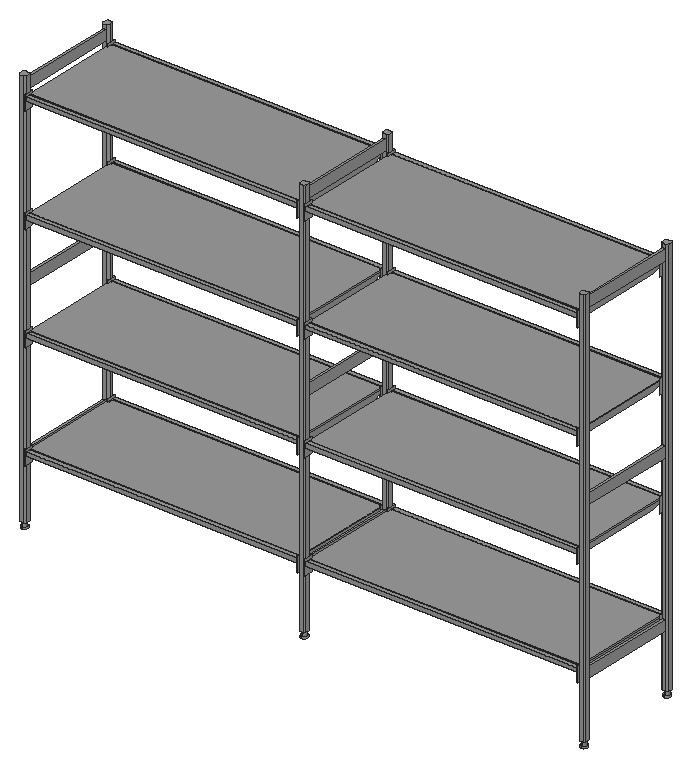
Revit family "QF_ZANUSSI_137046_BLS2404", category Attrezzature speciali, Revit 2020
Family settings
  Quota connettore circolare = Usa diametro
  Tipo di parte = Normale
  Basato su piano di lavoro = No
  Sempre verticale = Sì
  Taglio con vuoti quando caricato = No
  Condiviso = No
  Punto di calcolo locali = No
Parameters (values of type "Standard")
  Weight = 44.00 kg
  Watts = 0 W
  Volts = 0 V
  URL Manufacturer = "http://www.zanussiprofessional.com"
  URL = "http://www.zanussiprofessional.com"
  Steam Supply Size = 0 mm
  Steam Supply Minimum Pressure = 0.0 Pa
  Steam Supply Maximum Pressure = 0.0 Pa
  Steam Consumption per Hour = 0
  Refrigeration Suction Line Size = 0.0 mm
  Refrigeration Liquid Line Size = 0.0 mm
  Refrigerant Compressor Remote = yes
  Prospetto di default = 0.0 mm
  Phase = 0
  Modello = "BLS2404"
  Produttore = "Zanussi"
  Length Actual = 2404.0 mm  # constant formula
  Item Number = "137046"
  Hot Water Size = 0 mm
  Height Actual = 1700.0 mm  # constant formula
  HP = "0 HP"
  Gas Size = 0 mm
  Gas KW = 0
  Gas Input Pressure = 0 W
  Direct Waste Size = 0 mm
  Descrizione = "ALUM.LINEAR SHELV.-POLY.TIERS-475X2404MM"
  Depth Actual = 475.0 mm  # constant formula
  Cycle = 0 Hz
  Condensate Return Size = 0 mm
  Compressed Air Volume = 0.0 L/s
  Compressed Air Size = 0 mm
  Compressed Air Pressure = 0.0 Pa
  Cold Water Size = 0 mm
  Accessory = yes
Reference planes
  plane 1: z = 0
  plane 2 "CenterLeft": x = -31
  plane 3 "LEFT": x = -417
  plane 4 "BACK": y = 23
  plane 5 "FRONT": y = -452
  plane 6 "TOP": z = 1700
  plane 7: x = -385
  plane 8: x = 767
  plane 9 "Center (Front/Back)": y = -214.5
  plane 10: y = -8.5
  plane 11: y = -420.5
  plane 12 "FEET": z = 25
  plane 13: z = 275
  plane 14: z = 725
  plane 15: z = 1175
  plane 16: z = 1625
  plane 17 "CXLeft": x = -403
  plane 18 "Center (Left/Right)": x = 785
  plane 19: y = 5.5
  plane 20 "CYBack": y = 5.5
  plane 21 "CYFront": y = -434.5
  plane 22 "RIGHT": x = 1987
  plane 23: x = 1955
  plane 24 "CXRight": x = 1973
  plane 25: x = 803
Forms (mm)
  Extrusion 1, solid, material "QF_Aluminum"
    sketch origin (-417, 0, -4.006) x (0, 1, 0) y (0, 0, 1)
      loop
        line (-12, 1637.003) -> (4, 1637.003) -> (4, 1655) -> (2.007, 1655) -> (2.007, 1648.501) -> (-431, 1648.501) -> (-431, 1655) -> (-433, 1655) -> (-433, 1637.003) -> (-417, 1637.003) -> (-383, 1625) -> (-46, 1625) -> (-12, 1637.003)
      loop
        line (-12, 1187.003) -> (4, 1187.003) -> (4, 1205) -> (2.007, 1205) -> (2.007, 1198.501) -> (-431, 1198.501) -> (-431, 1205) -> (-433, 1205) -> (-433, 1187.003) -> (-417, 1187.003) -> (-383, 1175) -> (-46, 1175) -> (-12, 1187.003)
      loop
        line (-12, 737.003) -> (4, 737.003) -> (4, 755) -> (2.007, 755) -> (2.007, 748.501) -> (-431, 748.501) -> (-431, 755) -> (-433, 755) -> (-433, 737.003) -> (-417, 737.003) -> (-383, 725) -> (-46, 725) -> (-12, 737.003)
      loop
        line (-12, 287.003) -> (4, 287.003) -> (4, 305) -> (2.007, 305) -> (2.007, 298.501) -> (-431, 298.501) -> (-431, 305) -> (-433, 305) -> (-433, 287.003) -> (-417, 287.003) -> (-383, 275) -> (-46, 275) -> (-12, 287.003)
    from 37 to 32
  Extrusion 2, solid, material "QF_Aluminum"
    sketch origin (-417, 0, 0) x (0, 1, 0) y (0, 0, 1)
      loop
        line (23, 246.005) -> (23, 307.993) -> (-12.993, 307.993) -> (-12.993, 246.005) -> (23, 246.005)
      loop
        line (-452, 246.005) -> (-416.007, 246.005) -> (-416.007, 307.993) -> (-452, 307.993) -> (-452, 246.005)
      loop
        line (23, 696.005) -> (23, 757.993) -> (-12.993, 757.993) -> (-12.993, 696.005) -> (23, 696.005)
      loop
        line (-452, 696.005) -> (-416.007, 696.005) -> (-416.007, 757.993) -> (-452, 757.993) -> (-452, 696.005)
      loop
        line (23, 1146.005) -> (23, 1207.993) -> (-12.993, 1207.993) -> (-12.993, 1146.005) -> (23, 1146.005)
      loop
        line (-452, 1146.005) -> (-416.007, 1146.005) -> (-416.007, 1207.993) -> (-452, 1207.993) -> (-452, 1146.005)
      loop
        line (23, 1596.005) -> (23, 1657.993) -> (-12.993, 1657.993) -> (-12.993, 1596.005) -> (23, 1596.005)
      loop
        line (-452, 1596.005) -> (-416.007, 1596.005) -> (-416.007, 1657.993) -> (-452, 1657.993) -> (-452, 1596.005)
    from 28 to 32
  Extrusion 3, solid, material "QF_Aluminum"
    sketch origin (-417, 0, 0) x (0, 1, 0) y (0, 0, 1)
      loop
        line (4, 1650.994) -> (4, 1632.998) -> (23, 1632.998) -> (23, 1650.994) -> (4, 1650.994)
      loop
        line (-433, 1650.994) -> (-452, 1650.994) -> (-452, 1632.998) -> (-433, 1632.998) -> (-433, 1650.994)
      loop
        line (4, 1200.994) -> (4, 1182.998) -> (23, 1182.998) -> (23, 1200.994) -> (4, 1200.994)
      loop
        line (-433, 1200.994) -> (-452, 1200.994) -> (-452, 1182.998) -> (-433, 1182.998) -> (-433, 1200.994)
      loop
        line (4, 750.994) -> (4, 732.998) -> (23, 732.998) -> (23, 750.994) -> (4, 750.994)
      loop
        line (-433, 750.994) -> (-452, 750.994) -> (-452, 732.998) -> (-433, 732.998) -> (-433, 750.994)
      loop
        line (4, 300.994) -> (4, 282.998) -> (23, 282.998) -> (23, 300.994) -> (4, 300.994)
      loop
        line (-433, 300.994) -> (-452, 300.994) -> (-452, 282.998) -> (-433, 282.998) -> (-433, 300.994)
    from 32 to 1184
  Extrusion 4, solid, material "QF_Polyethylene"
    sketch origin (-417, 0, 0) x (0, 1, 0) y (0, 0, 1)
      loop
        line (2.007, 1650.994) -> (-431, 1650.994) -> (-431, 1644.496) -> (2.007, 1644.496) -> (2.007, 1650.994)
      loop
        line (2.007, 1200.994) -> (-431, 1200.994) -> (-431, 1194.496) -> (2.007, 1194.496) -> (2.007, 1200.994)
      loop
        line (2.007, 750.994) -> (-431, 750.994) -> (-431, 744.496) -> (2.007, 744.496) -> (2.007, 750.994)
      loop
        line (2.007, 300.994) -> (-431, 300.994) -> (-431, 294.496) -> (2.007, 294.496) -> (2.007, 300.994)
    from 32 to 1184
  Extrusion 5, solid, material "QF_Aluminum"
    sketch origin (1987, 0, 0) x (0, 1, 0) y (0, 0, 1)
      loop
        line (4, 1650.994) -> (4, 1632.998) -> (23, 1632.998) -> (23, 1650.994) -> (4, 1650.994)
      loop
        line (-433, 1650.994) -> (-452, 1650.994) -> (-452, 1632.998) -> (-433, 1632.998) -> (-433, 1650.994)
      loop
        line (4, 1200.994) -> (4, 1182.998) -> (23, 1182.998) -> (23, 1200.994) -> (4, 1200.994)
      loop
        line (-433, 1200.994) -> (-452, 1200.994) -> (-452, 1182.998) -> (-433, 1182.998) -> (-433, 1200.994)
      loop
        line (4, 750.994) -> (4, 732.998) -> (23, 732.998) -> (23, 750.994) -> (4, 750.994)
      loop
        line (-433, 750.994) -> (-452, 750.994) -> (-452, 732.998) -> (-433, 732.998) -> (-433, 750.994)
      loop
        line (4, 300.994) -> (4, 282.998) -> (23, 282.998) -> (23, 300.994) -> (4, 300.994)
      loop
        line (-433, 300.994) -> (-452, 300.994) -> (-452, 282.998) -> (-433, 282.998) -> (-433, 300.994)
    from -32 to -1184
  Extrusion 6, solid, material "QF_Polyethylene"
    sketch origin (1987, 0, 0) x (0, 1, 0) y (0, 0, 1)
      loop
        line (2.007, 1650.994) -> (-431, 1650.994) -> (-431, 1644.496) -> (2.007, 1644.496) -> (2.007, 1650.994)
      loop
        line (2.007, 1200.994) -> (-431, 1200.994) -> (-431, 1194.496) -> (2.007, 1194.496) -> (2.007, 1200.994)
      loop
        line (2.007, 750.994) -> (-431, 750.994) -> (-431, 744.496) -> (2.007, 744.496) -> (2.007, 750.994)
      loop
        line (2.007, 300.994) -> (-431, 300.994) -> (-431, 294.496) -> (2.007, 294.496) -> (2.007, 300.994)
    from -32 to -1184
Lines and regions (mm)
  symbolic lines
    curve 1: line (767, 4, 1700) -> (-385, 4, 1700)
    curve 2: line (-408, -8.5, 1700) -> (-408, -420.5, 1700)
    curve 3: line (-398, -420.5, 1700) -> (-398, -8.5, 1700)
    curve 4: line (-389, 23, 1700) -> (771, 23, 1700)
    curve 5: line (-385, -452, 1700) -> (767, -452, 1700)
    curve 6: line (799, 23, 1700) -> (1959, 23, 1700)
    curve 7: line (799, -452, 1700) -> (1959, -452, 1700)
    curve 8: line (-385, -433, 1700) -> (767, -433, 1700)
    curve 9: line (803, -433, 1700) -> (1955, -433, 1700)
    curve 10: line (803, 4, 1700) -> (1955, 4, 1700)
    curve 11: line (1955, -12.993, 1700) -> (1955, -416.007, 1700)
    curve 12: line (767, -12.993, 1700) -> (767, -416.007, 1700)
    curve 13: line (803, -416.007, 1700) -> (803, -12.993, 1700)
    curve 14: line (-385, -12.993, 1700) -> (-385, -416.007, 1700)
Dimensions and locks
  plane 3 "LEFT" to plane 2 "CenterLeft" = 386.0 mm
  locked: plane 6 "TOP" to level at 1700
  locked: plane 4 "BACK" to plane 5 "FRONT" at 475
  locked: plane 7 to plane 8 at 1152
  locked: plane 10 to plane 11 at 412
  equal spacing: plane 10, plane 9 "Center (Front/Back)", plane 11
  equal spacing: plane 4 "BACK", plane 9 "Center (Front/Back)", plane 5 "FRONT"
  plane 12 "FEET" to level = 25.0 mm
  plane 6 "TOP" to plane 12 "FEET" = 1675.0 mm
  plane 13 to plane 12 "FEET" = 250.0 mm
  plane 14 to plane 13 = 450.0 mm
  plane 15 to plane 14 = 450.0 mm
  plane 16 to plane 15 = 450.0 mm
  locked: plane 4 "BACK" to plane 20 "CYBack" at 17.5
  locked: plane 21 "CYFront" to plane 5 "FRONT" at 17.5
  locked: plane 4 "BACK" to Extrusion 1 at 19
  locked: Extrusion 1 to plane 5 "FRONT" at 19
  Extrusion 1 sketch curve to plane 21 "CYFront" = 3.5 mm
  plane 3 "LEFT" to plane 22 "RIGHT" = 2404.0 mm
  locked: plane 25 to plane 23 at 1152
  locked: plane 8 to plane 18 "Center (Left/Right)" at 18
  locked: plane 18 "Center (Left/Right)" to plane 25 at 18
  locked: plane 3 "LEFT" to plane 7 at 32
  locked: plane 24 "CXRight" to plane 22 "RIGHT" at 14
  aligned and locked: level to plane 1
  aligned and locked: plane 7 to Extrusion 1
  aligned and locked: Extrusion 2 to plane 7
  aligned and locked: plane 7 to Extrusion 4
  aligned and locked: Extrusion 4 to plane 8
  aligned and locked: plane 7 to Extrusion 3
  aligned and locked: Extrusion 3 to plane 8
  aligned and locked: Extrusion 3 sketch curve to Extrusion 1
  aligned and locked: Extrusion 1 to Extrusion 3 sketch curve
  aligned and locked: Extrusion 3 sketch curve to Extrusion 3 sketch curve  (x2)
  aligned and locked: Extrusion 1 sketch curve to Extrusion 1 sketch curve  (x3)
  aligned and locked: Extrusion 4 sketch curve to Extrusion 1  (x4)
  aligned and locked: Extrusion 5 sketch curve to Extrusion 5 sketch curve  (x2)
  aligned and locked: Extrusion 5 to plane 25
  aligned and locked: Extrusion 6 to plane 25
  aligned and locked: nested 3 to plane 18 "Center (Left/Right)"
  aligned and locked: nested 1 to plane 17 "CXLeft"
  aligned and locked: Extrusion 3 to plane 7  (x3)
  aligned and locked: plane 8 to Extrusion 3  (x4)
  aligned and locked: plane 25 to Extrusion 5  (x4)
  aligned and locked: plane 25 to Extrusion 6  (x4)
  aligned and locked: plane 8 to Extrusion 4  (x4)
  aligned and locked: nested 2 to plane 24 "CXRight"
  aligned and locked: Extrusion 5 to plane 23
  aligned and locked: Extrusion 6 to plane 23
  aligned and locked: plane 23 to Extrusion 5  (x3)
  aligned and locked: plane 23 to Extrusion 6  (x3)
Automatic sketch dimensions
  plane 21 "CYFront" to Extrusion 1 sketch curve = 1.5 mm  (x4)
  plane 11 to Extrusion 1 sketch curve = 3.5 mm  (x4)
  Extrusion 1 sketch curve to plane 13 = 4.006 mm
  Extrusion 1 sketch curve to Extrusion 1 sketch curve = 34.0 mm  (x4)
  Extrusion 1 sketch curve to plane 14 = 4.006 mm
  Extrusion 1 sketch curve to plane 15 = 4.006 mm
  Extrusion 1 sketch curve to plane 16 = 4.006 mm
  Extrusion 1 sketch curve to plane 10 = 37.5 mm  (x4)
  Extrusion 1 sketch curve to plane 10 = 3.5 mm  (x4)
  plane 19 to Extrusion 1 sketch curve = 3.493 mm  (x4)
  plane 19 to Extrusion 1 sketch curve = 1.5 mm  (x4)
  plane 13 to Extrusion 1 sketch curve = 7.998 mm  (x2)
  Extrusion 1 sketch curve to Extrusion 1 sketch curve = 11.498 mm  (x4)
  Extrusion 1 sketch curve to Extrusion 1 sketch curve = 6.499 mm  (x8)
  plane 14 to Extrusion 1 sketch curve = 7.998 mm  (x2)
  plane 15 to Extrusion 1 sketch curve = 7.998 mm  (x2)
  plane 16 to Extrusion 1 sketch curve = 7.998 mm  (x2)
  Extrusion 2 sketch curve to plane 5 "FRONT" = 0.0 mm  (x4)
  Extrusion 2 sketch curve to plane 4 "BACK" = 0.0 mm  (x4)
  plane 11 to Extrusion 2 sketch curve = 4.493 mm  (x4)
  Extrusion 2 sketch curve to plane 10 = 4.493 mm  (x4)
  Extrusion 2 sketch curve to plane 13 = 28.995 mm  (x2)
  plane 13 to Extrusion 2 sketch curve = 32.993 mm  (x2)
  Extrusion 2 sketch curve to plane 14 = 28.995 mm  (x2)
  plane 14 to Extrusion 2 sketch curve = 32.993 mm  (x2)
  Extrusion 2 sketch curve to plane 15 = 28.995 mm  (x2)
  plane 15 to Extrusion 2 sketch curve = 32.993 mm  (x2)
  Extrusion 2 sketch curve to plane 16 = 28.995 mm  (x2)
  plane 16 to Extrusion 2 sketch curve = 32.993 mm  (x2)
  Extrusion 3 sketch curve to plane 5 "FRONT" = 0.0 mm  (x4)
  Extrusion 3 sketch curve to plane 4 "BACK" = 0.0 mm  (x4)
  plane 19 to Extrusion 3 sketch curve = 1.5 mm  (x4)
  plane 13 to Extrusion 3 sketch curve = 7.998 mm  (x2)
  Extrusion 3 sketch curve to Extrusion 3 sketch curve = 17.997 mm  (x8)
  plane 14 to Extrusion 3 sketch curve = 7.998 mm  (x2)
  plane 15 to Extrusion 3 sketch curve = 7.998 mm  (x2)
  plane 16 to Extrusion 3 sketch curve = 7.998 mm  (x2)
  plane 19 to Extrusion 4 sketch curve = 3.493 mm  (x4)
  plane 13 to Extrusion 4 sketch curve = 19.496 mm
  Extrusion 4 sketch curve to Extrusion 4 sketch curve = 6.499 mm  (x4)
  plane 14 to Extrusion 4 sketch curve = 19.496 mm
  plane 15 to Extrusion 4 sketch curve = 19.496 mm
  plane 16 to Extrusion 4 sketch curve = 19.496 mm
  Extrusion 5 sketch curve to plane 5 "FRONT" = 0.0 mm  (x4)
  Extrusion 5 sketch curve to plane 4 "BACK" = 0.0 mm  (x4)
  plane 21 "CYFront" to Extrusion 5 sketch curve = 1.5 mm  (x2)
  plane 19 to Extrusion 5 sketch curve = 1.5 mm  (x4)
  plane 13 to Extrusion 5 sketch curve = 7.998 mm  (x2)
  Extrusion 5 sketch curve to Extrusion 5 sketch curve = 17.997 mm  (x8)
  plane 14 to Extrusion 5 sketch curve = 7.998 mm  (x2)
  plane 15 to Extrusion 5 sketch curve = 7.998 mm  (x2)
  plane 16 to Extrusion 5 sketch curve = 7.998 mm  (x2)
  plane 21 "CYFront" to Extrusion 6 sketch curve = 3.5 mm  (x4)
  plane 19 to Extrusion 6 sketch curve = 3.493 mm  (x4)
  plane 13 to Extrusion 6 sketch curve = 19.496 mm
  Extrusion 6 sketch curve to Extrusion 6 sketch curve = 6.499 mm  (x4)
  plane 14 to Extrusion 6 sketch curve = 19.496 mm
  plane 15 to Extrusion 6 sketch curve = 19.496 mm
  plane 16 to Extrusion 6 sketch curve = 19.496 mm
  curve 7 to plane 5 "FRONT" = 0.0 mm
  curve 5 to plane 5 "FRONT" = 0.0 mm
  curve 8 to plane 8 = 0.0 mm
  curve 9 to plane 25 = 0.0 mm
  curve 9 to plane 23 = 0.0 mm
  curve 8 to plane 7 = 0.0 mm
  curve 2 to plane 11 = 0.0 mm
  curve 3 to plane 11 = 0.0 mm
  curve 14 to plane 7 = 0.0 mm
  curve 13 to plane 25 = 0.0 mm
  curve 12 to plane 8 = 0.0 mm
  curve 11 to plane 23 = 0.0 mm
  curve 3 to plane 10 = 0.0 mm
  curve 2 to plane 10 = 0.0 mm
  curve 1 to plane 8 = 0.0 mm
  curve 1 to plane 7 = 0.0 mm
  curve 10 to plane 23 = 0.0 mm
  curve 10 to plane 25 = 0.0 mm
  curve 4 to plane 4 "BACK" = 0.0 mm
  curve 6 to plane 4 "BACK" = 0.0 mm
  curve 5 to plane 8 = 0.0 mm
  curve 5 to plane 7 = 0.0 mm
  plane 21 "CYFront" to curve 8 = 1.5 mm
  plane 21 "CYFront" to curve 9 = 1.5 mm
  plane 11 to curve 14 = 4.493 mm
  plane 11 to curve 13 = 4.493 mm
  plane 11 to curve 12 = 4.493 mm
  plane 11 to curve 11 = 4.493 mm
  curve 14 to plane 10 = 4.493 mm
  curve 13 to plane 10 = 4.493 mm
  curve 12 to plane 10 = 4.493 mm
  curve 11 to plane 10 = 4.493 mm
  plane 19 to curve 1 = 1.5 mm
  plane 19 to curve 10 = 1.5 mm
  curve 6 to plane 23 = 4.0 mm
  curve 7 to plane 23 = 4.0 mm
  curve 6 to plane 25 = 4.0 mm
  curve 7 to plane 25 = 4.0 mm
  curve 4 to plane 8 = 4.0 mm
  plane 7 to curve 4 = 4.0 mm
  plane 17 "CXLeft" to curve 3 = 5.0 mm
  curve 2 to plane 17 "CXLeft" = 5.0 mm
Nested families
  nested 1: "WT_Anta475" at (0, 0, 0), type "WT_Anta475"
  nested 2: "WT_Anta475" at (1570, 0, 0) x (-1, 0, 0) z (0, 0, 1), type "WT_Anta475"
  nested 3: "WT_Anta475Center" at (1188, 0, 0), type "WT_Anta475Center"
Definition of nested family "WT_Anta475"
  Parameters
    WidthLeft = A + 64.0 mm  # 772.0 mm
    Width = 1606.0 mm
    Right = WidthLeft / 2  # 386.0 mm
    Default Elevation = 0.0 mm
    Left = -WidthLeft / 2  # -386.0 mm
    Height = 1725.0 mm
    FEET = 25.0 mm
    E = 0.0 mm
    Dint = Depth - 63.0 mm  # 412.0 mm
    Dext = Depth - 8.0 mm  # 467.0 mm
    Depth = 475.0 mm
    DX = (WidthLeft - A) / 2  # 32.0 mm
    B = 798.0 mm
    A = 708.0 mm
  Reference planes
    plane 1: z = 0
    plane 2 "LEFT": x = -417
    plane 3 "BACK": y = 23
    plane 4 "FRONT": y = -452
    plane 5 "TOP": z = 1725
    plane 6 "Center (Front/Back)": y = -214.5
    plane 7: y = -8.5
    plane 8: y = -420.5
    plane 9 "FEET": z = 25
    plane 10: z = 275
    plane 11: z = 725
    plane 12: z = 1175
    plane 13: z = 1625
    plane 14 "CXLeft": x = -403
    plane 15: y = 5.5
    plane 16 "CYBack": y = 5.5
    plane 17 "CYFront": y = -434.5
    plane 18: x = -385.031
    plane 19: x = -380.031
  Forms (mm)
    Extrusion 1, solid
      sketch origin (0, 0, 0) x (1, 0, 0) y (0, 1, 0)
        loop
          line (-417, 13.246) -> (-417, -2.246) -> (-410.746, -8.5) -> (-395.254, -8.5) -> (-389, -2.246) -> (-389, 13.246) -> (-395.254, 19.5) -> (-410.746, 19.5) -> (-417, 13.246)
      from 1725 to 25
    Extrusion 2, solid
      sketch origin (-417, 0, 0) x (0, 1, 0) y (0, 0, 1)
        loop
          line (23, 246.005) -> (23, 307.993) -> (-12.993, 307.993) -> (-12.993, 246.005) -> (23, 246.005)
        loop
          line (-452, 246.005) -> (-416.007, 246.005) -> (-416.007, 307.993) -> (-452, 307.993) -> (-452, 246.005)
        loop
          line (23, 696.005) -> (23, 757.993) -> (-12.993, 757.993) -> (-12.993, 696.005) -> (23, 696.005)
        loop
          line (-452, 696.005) -> (-416.007, 696.005) -> (-416.007, 757.993) -> (-452, 757.993) -> (-452, 696.005)
        loop
          line (23, 1146.005) -> (23, 1207.993) -> (-12.993, 1207.993) -> (-12.993, 1146.005) -> (23, 1146.005)
        loop
          line (-452, 1146.005) -> (-416.007, 1146.005) -> (-416.007, 1207.993) -> (-452, 1207.993) -> (-452, 1146.005)
        loop
          line (23, 1596.005) -> (23, 1657.993) -> (-12.993, 1657.993) -> (-12.993, 1596.005) -> (23, 1596.005)
        loop
          line (-452, 1596.005) -> (-416.007, 1596.005) -> (-416.007, 1657.993) -> (-452, 1657.993) -> (-452, 1596.005)
      from 28 to 32
    Revolve 3, solid
      sketch origin (-403, 0, 0) x (0, 1, 0) y (0, 0, 1)
        loop
          line (5.5, 25) -> (5.5, 0) -> (19, 0) -> (19, 5) -> (14, 5) -> (14, 25) -> (5.5, 25)
        axis (5.5, 25) -> (5.5, 0)
      angle from 0 to 360
    Extrusion 4, solid
      sketch origin (-403, 0, 0) x (0, 1, 0) y (0, 0, 1)
        loop
          line (-8.5, 912.382) -> (-8.5, 957.374) -> (-420.5, 957.374) -> (-420.5, 912.382) -> (-8.5, 912.382)
        loop
          line (-8.5, 1662.244) -> (-8.5, 1707.236) -> (-420.5, 1707.236) -> (-420.5, 1662.244) -> (-8.5, 1662.244)
      from -5 to 5
    Revolve 5, solid
      sketch origin (-403, -627, 0) x (0, -1, 0) y (0, 0, 1)
        loop
          line (-192.5, 25) -> (-192.5, 0) -> (-179, 0) -> (-179, 5) -> (-184, 5) -> (-184, 25) -> (-192.5, 25)
        axis (-192.5, 25) -> (-192.5, 0)
      angle from 0 to 360
    Extrusion 6, solid
      sketch origin (0, -627, 0) x (1, 0, 0) y (0, 1, 0)
        loop
          line (-417, 184.754) -> (-410.746, 178.5) -> (-395.254, 178.5) -> (-389, 184.754) -> (-389, 200.246) -> (-395.254, 206.5) -> (-410.746, 206.5) -> (-417, 200.246) -> (-417, 184.754)
      from 1725 to 25
    Extrusion 7, solid
      sketch origin (-417.031, -0.022, 0) x (0, 1, 0) y (0, 0, -1)
        loop
          line (-12, -1632.998) -> (-46, -1620.994) -> (-383, -1620.994) -> (-417, -1632.998) -> (-433, -1632.998) -> (-433, -1650.994) -> (-431, -1650.994) -> (-431, -1644.496) -> (2.007, -1644.496) -> (2.007, -1650.994) -> (4, -1650.994) -> (4, -1632.998) -> (-12, -1632.998)
        loop
          line (-12, -1182.998) -> (-46, -1170.994) -> (-383, -1170.994) -> (-417, -1182.998) -> (-433, -1182.998) -> (-433, -1200.994) -> (-431, -1200.994) -> (-431, -1194.496) -> (2.007, -1194.496) -> (2.007, -1200.994) -> (4, -1200.994) -> (4, -1182.998) -> (-12, -1182.998)
        loop
          line (-12, -732.998) -> (-46, -720.994) -> (-383, -720.994) -> (-417, -732.998) -> (-433, -732.998) -> (-433, -750.994) -> (-431, -750.994) -> (-431, -744.496) -> (2.007, -744.496) -> (2.007, -750.994) -> (4, -750.994) -> (4, -732.998) -> (-12, -732.998)
        loop
          line (-12, -282.998) -> (-46, -270.994) -> (-383, -270.994) -> (-417, -282.998) -> (-433, -282.998) -> (-433, -300.994) -> (-431, -300.994) -> (-431, -294.496) -> (2.007, -294.496) -> (2.007, -300.994) -> (4, -300.994) -> (4, -282.998) -> (-12, -282.998)
      from -32 to -37
    Extrusion 8, solid
      sketch origin (-403, 0, -659.878) x (0, 1, 0) y (0, 0, 1)
        loop
          line (-8.5, 912.382) -> (-8.5, 957.374) -> (-420.5, 957.374) -> (-420.5, 912.382) -> (-8.5, 912.382)
        loop
          line (-8.5, 1572.382) -> (-8.5, 1617.374) -> (-420.5, 1617.374) -> (-420.5, 1572.382) -> (-8.5, 1572.382)
        loop
          line (-8.5, 2322.382) -> (-8.5, 2367.374) -> (-420.5, 2367.374) -> (-420.5, 2322.382) -> (-8.5, 2322.382)
      from -5 to 5
  Lines and regions (mm)
    symbolic lines
      curve 1: line (-408, -8.5, 1725) -> (-408, -420.5, 1725)
      curve 2: line (-398, -420.5, 1725) -> (-398, -8.5, 1725)
      curve 3: line (-395.254, -8.5, 1725) -> (-410.746, -8.5, 1725)
      curve 4: line (-417, -2.246, 1725) -> (-410.746, -8.5, 1725)
      curve 5: line (-417, 13.246, 1725) -> (-417, -2.246, 1725)
      curve 6: line (-410.746, 19.5, 1725) -> (-417, 13.246, 1725)
      curve 7: line (-395.254, 19.5, 1725) -> (-410.746, 19.5, 1725)
      curve 8: line (-389, 13.246, 1725) -> (-395.254, 19.5, 1725)
      curve 9: line (-395.254, -8.5, 1725) -> (-389, -2.246, 1725)
      curve 10: line (-395.254, -420.5, 1725) -> (-410.746, -420.5, 1725)
      curve 11: line (-417, -426.754, 1725) -> (-410.746, -420.5, 1725)
      curve 12: line (-410.746, -448.5, 1725) -> (-417, -442.246, 1725)
      curve 13: line (-395.254, -448.5, 1725) -> (-410.746, -448.5, 1725)
      curve 14: line (-389, -442.246, 1725) -> (-395.254, -448.5, 1725)
      curve 15: line (-395.254, -420.5, 1725) -> (-389, -426.754, 1725)
      curve 16: line (-389, -452, 1725) -> (-389, -416.007, 1725)
      curve 17: line (-389, -416.007, 1725) -> (-385, -416.007, 1725)
      curve 18: line (-389, 23, 1725) -> (-389, -12.993, 1725)
      curve 19: line (-389, -12.993, 1725) -> (-385, -12.993, 1725)
      curve 20: line (-417, -426.754, 1725) -> (-417, -442.246, 1725)
      curve 21: line (-385, -452, 1725) -> (-385, -416.007, 1725)
      curve 22: line (-385, -452, 1725) -> (-389, -452, 1725)
      curve 23: line (-385, 23, 1725) -> (-389, 23, 1725)
      curve 24: line (-385, -12.993, 1725) -> (-385, 23, 1725)
      curve 25: line (-385.031, -13.016, 1725) -> (-385.031, -416.029, 1725)
  Dimensions and locks
    "Height": plane 5 "TOP" to level
    "Depth": plane 3 "BACK" to plane 4 "FRONT"
    "Dint": plane 7 to plane 8
    equal spacing: plane 7, plane 6 "Center (Front/Back)", plane 8
    equal spacing: plane 3 "BACK", plane 6 "Center (Front/Back)", plane 4 "FRONT"
    plane 9 "FEET" to level = 25.0 mm
    plane 5 "TOP" to plane 9 "FEET" = 1700.0 mm
    plane 10 to plane 9 "FEET" = 250.0 mm
    plane 11 to plane 10 = 450.0 mm
    plane 12 to plane 11 = 450.0 mm
    plane 13 to plane 12 = 450.0 mm
    locked: plane 2 "LEFT" to plane 14 "CXLeft" at 14
    locked: plane 3 "BACK" to plane 16 "CYBack" at 17.5
    locked: plane 17 "CYFront" to plane 4 "FRONT" at 17.5
    locked: Revolve 3 sketch curve to Revolve 3 sketch curve at 8.5
    locked: Revolve 3 sketch curve to plane 16 "CYBack" at 13.5
    locked: Revolve 5 sketch curve to Revolve 5 sketch curve at 8.5
    aligned and locked: level to plane 1
    aligned and locked: curve 20 to Extrusion 6
    aligned and locked: plane 5 "TOP" to Extrusion 1
    aligned and locked: plane 5 "TOP" to Extrusion 6
    aligned and locked: Extrusion 7 sketch curve to Extrusion 7 sketch curve  (x3)
  Automatic sketch dimensions
    curve 16 to plane 4 "FRONT" = 0.0 mm
    curve 11 to plane 8 = 0.0 mm
    curve 9 to plane 7 = 0.0 mm
    curve 5 to plane 2 "LEFT" = 0.0 mm
    curve 23 to plane 3 "BACK" = 0.0 mm
    plane 4 "FRONT" to curve 13 = 3.5 mm
    curve 20 to plane 17 "CYFront" = 7.746 mm
    curve 20 to plane 8 = 6.254 mm
    plane 8 to curve 16 = 4.493 mm
    curve 24 to plane 18 = 0.031 mm
    curve 24 to plane 7 = 4.493 mm
    plane 7 to curve 5 = 6.254 mm
    curve 5 to plane 15 = 7.746 mm
    curve 6 to plane 3 "BACK" = 3.5 mm
    curve 21 to plane 18 = 0.031 mm
    plane 18 to curve 23 = 3.969 mm
    plane 18 to curve 16 = 3.969 mm
    curve 18 to curve 8 = 6.254 mm
    curve 18 to curve 3 = 6.254 mm
    curve 16 to curve 13 = 6.254 mm
    curve 16 to curve 15 = 6.254 mm
    plane 2 "LEFT" to curve 10 = 6.254 mm
    plane 2 "LEFT" to curve 7 = 6.254 mm
    plane 2 "LEFT" to curve 12 = 6.254 mm
    plane 2 "LEFT" to curve 3 = 6.254 mm
    curve 14 to plane 17 "CYFront" = 7.746 mm
    curve 15 to plane 8 = 6.254 mm
    plane 7 to curve 9 = 6.254 mm
    curve 8 to plane 15 = 7.746 mm
    curve 3 to curve 2 = 2.746 mm
    curve 1 to curve 10 = 2.746 mm
    Extrusion 1 sketch curve to plane 2 "LEFT" = 0.0 mm
    Extrusion 1 sketch curve to plane 7 = 0.0 mm
    plane 2 "LEFT" to Extrusion 1 sketch curve = 6.254 mm  (x2)
    plane 14 "CXLeft" to Extrusion 1 sketch curve = 7.746 mm  (x2)
    Extrusion 1 sketch curve to plane 3 "BACK" = 3.5 mm
    plane 18 to Extrusion 1 sketch curve = 3.969 mm
    plane 7 to Extrusion 1 sketch curve = 6.254 mm  (x2)
    Extrusion 1 sketch curve to plane 15 = 7.746 mm  (x2)
    Extrusion 2 sketch curve to plane 4 "FRONT" = 0.0 mm  (x4)
    Extrusion 2 sketch curve to plane 3 "BACK" = 0.0 mm  (x4)
    plane 8 to Extrusion 2 sketch curve = 4.493 mm  (x4)
    Extrusion 2 sketch curve to plane 7 = 4.493 mm  (x4)
    Extrusion 2 sketch curve to plane 10 = 28.995 mm  (x2)
    plane 10 to Extrusion 2 sketch curve = 32.993 mm  (x2)
    Extrusion 2 sketch curve to plane 11 = 28.995 mm  (x2)
    plane 11 to Extrusion 2 sketch curve = 32.993 mm  (x2)
    Extrusion 2 sketch curve to plane 12 = 28.995 mm  (x2)
    plane 12 to Extrusion 2 sketch curve = 32.993 mm  (x2)
    Extrusion 2 sketch curve to plane 13 = 28.995 mm  (x2)
    plane 13 to Extrusion 2 sketch curve = 32.993 mm  (x2)
    Revolve 3 sketch curve to plane 9 "FEET" = 0.0 mm  (x2)
    Revolve 3 sketch curve to plane 15 = 0.0 mm  (x2)
    Revolve 3 sketch curve to level = 0.0 mm
    level to Revolve 3 sketch curve = 5.0 mm
    Revolve 3 sketch curve to Revolve 3 sketch curve = 11.655 mm
    Extrusion 4 sketch curve to plane 8 = 0.0 mm  (x2)
    Extrusion 4 sketch curve to plane 7 = 0.0 mm  (x2)
    plane 11 to Extrusion 4 sketch curve = 187.382 mm
    Extrusion 4 sketch curve to Extrusion 4 sketch curve = 44.992 mm
    plane 13 to Extrusion 4 sketch curve = 37.244 mm
    Extrusion 4 sketch curve to plane 5 "TOP" = 17.764 mm
    Revolve 5 sketch curve to plane 9 "FEET" = 0.0 mm  (x2)
    Revolve 5 sketch curve to plane 17 "CYFront" = 0.0 mm  (x2)
    Revolve 5 sketch curve to level = 0.0 mm
    Revolve 5 sketch curve to plane 4 "FRONT" = 4.0 mm
    Revolve 5 sketch curve to Revolve 5 sketch curve = 5.0 mm
    level to Revolve 5 sketch curve = 11.655 mm
    Extrusion 6 sketch curve to plane 2 "LEFT" = 0.0 mm
    Extrusion 6 sketch curve to plane 8 = 0.0 mm
    Extrusion 6 sketch curve to plane 2 "LEFT" = 6.254 mm  (x2)
    Extrusion 6 sketch curve to plane 14 "CXLeft" = 7.746 mm  (x2)
    Extrusion 6 sketch curve to plane 4 "FRONT" = 3.5 mm
    Extrusion 6 sketch curve to plane 18 = 3.969 mm
    plane 8 to Extrusion 6 sketch curve = 6.254 mm  (x2)
    plane 17 "CYFront" to Extrusion 6 sketch curve = 7.746 mm  (x2)
    plane 17 "CYFront" to Extrusion 7 sketch curve = 1.478 mm  (x4)
    Extrusion 7 sketch curve to Extrusion 7 sketch curve = 2.0 mm
    plane 8 to Extrusion 7 sketch curve = 3.478 mm  (x4)
    Extrusion 7 sketch curve to plane 10 = 4.006 mm
    Extrusion 7 sketch curve to Extrusion 7 sketch curve = 34.0 mm  (x4)
    Extrusion 7 sketch curve to plane 11 = 4.006 mm
    Extrusion 7 sketch curve to plane 12 = 4.006 mm
    Extrusion 7 sketch curve to plane 13 = 4.006 mm
    Extrusion 7 sketch curve to plane 7 = 37.522 mm  (x4)
    Extrusion 7 sketch curve to plane 7 = 3.522 mm  (x4)
    plane 15 to Extrusion 7 sketch curve = 3.516 mm  (x4)
    plane 15 to Extrusion 7 sketch curve = 1.522 mm  (x4)
    plane 13 to Extrusion 7 sketch curve = 7.998 mm  (x2)
    Extrusion 7 sketch curve to Extrusion 7 sketch curve = 11.498 mm
    Extrusion 7 sketch curve to Extrusion 7 sketch curve = 6.499 mm  (x5)
    plane 12 to Extrusion 7 sketch curve = 25.994 mm  (x2)
    plane 12 to Extrusion 7 sketch curve = 7.998 mm  (x2)
    plane 11 to Extrusion 7 sketch curve = 25.994 mm  (x2)
    plane 11 to Extrusion 7 sketch curve = 7.998 mm  (x2)
    plane 10 to Extrusion 7 sketch curve = 25.994 mm  (x2)
    plane 10 to Extrusion 7 sketch curve = 7.998 mm  (x2)
    curve 25 to plane 18 = 0.0 mm
    plane 8 to curve 25 = 4.471 mm
    curve 25 to plane 7 = 4.516 mm
    Extrusion 8 sketch curve to plane 8 = 0.0 mm  (x3)
    Extrusion 8 sketch curve to plane 7 = 0.0 mm  (x3)
    Extrusion 8 sketch curve to plane 10 = 22.496 mm
    plane 10 to Extrusion 8 sketch curve = 22.496 mm
    plane 11 to Extrusion 8 sketch curve = 187.504 mm
    Extrusion 8 sketch curve to Extrusion 8 sketch curve = 44.992 mm
    plane 13 to Extrusion 8 sketch curve = 37.504 mm
    Extrusion 8 sketch curve to plane 5 "TOP" = 17.504 mm
Definition of nested family "WT_Anta475Center"
  Parameters
    WidthLeft = A + 64.0 mm  # 772.0 mm
    Width = 1606.0 mm
    Right = WidthLeft / 2  # 386.0 mm
    Default Elevation = 0.0 mm
    Left = -WidthLeft / 2  # -386.0 mm
    Height = 1725.0 mm
    FEET = 25.0 mm
    E = 0.0 mm
    Dint = Depth - 63.0 mm  # 412.0 mm
    Dext = Depth - 8.0 mm  # 467.0 mm
    Depth = 475.0 mm
    DX = (WidthLeft - A) / 2  # 32.0 mm
    B = 798.0 mm
    A = 708.0 mm
  Reference planes
    plane 1: z = 0
    plane 2 "L": x = -417
    plane 3 "BACK": y = 23
    plane 4 "FRONT": y = -452
    plane 5 "TOP": z = 1725
    plane 6 "Center (Front/Back)": y = -214.5
    plane 7: y = -8.5
    plane 8: y = -420.5
    plane 9 "FEET": z = 25
    plane 10: z = 275
    plane 11: z = 725
    plane 12: z = 1175
    plane 13: z = 1625
    plane 14 "CXLeft": x = -403
    plane 15: y = 5.5
    plane 16 "CYBack": y = 5.5
    plane 17 "CYFront": y = -434.5
    plane 18: x = -385.031
    plane 19 "RIGHT": x = -380.031
    plane 20: x = -420.969
    plane 21 "LEFT": x = -425.969
  Forms (mm)
    Extrusion 1, solid
      sketch origin (0, 0, 0) x (1, 0, 0) y (0, 1, 0)
        loop
          line (-417, 13.246) -> (-417, -2.246) -> (-410.746, -8.5) -> (-395.254, -8.5) -> (-389, -2.246) -> (-389, 13.246) -> (-395.254, 19.5) -> (-410.746, 19.5) -> (-417, 13.246)
      from 1725 to 25
    Extrusion 2, solid
      sketch origin (-417, 0, 0) x (0, 1, 0) y (0, 0, 1)
        loop
          line (23, 246.005) -> (23, 307.993) -> (-12.993, 307.993) -> (-12.993, 246.005) -> (23, 246.005)
        loop
          line (-452, 246.005) -> (-416.007, 246.005) -> (-416.007, 307.993) -> (-452, 307.993) -> (-452, 246.005)
        loop
          line (23, 696.005) -> (23, 757.993) -> (-12.993, 757.993) -> (-12.993, 696.005) -> (23, 696.005)
        loop
          line (-452, 696.005) -> (-416.007, 696.005) -> (-416.007, 757.993) -> (-452, 757.993) -> (-452, 696.005)
        loop
          line (23, 1146.005) -> (23, 1207.993) -> (-12.993, 1207.993) -> (-12.993, 1146.005) -> (23, 1146.005)
        loop
          line (-452, 1146.005) -> (-416.007, 1146.005) -> (-416.007, 1207.993) -> (-452, 1207.993) -> (-452, 1146.005)
        loop
          line (23, 1596.005) -> (23, 1657.993) -> (-12.993, 1657.993) -> (-12.993, 1596.005) -> (23, 1596.005)
        loop
          line (-452, 1596.005) -> (-416.007, 1596.005) -> (-416.007, 1657.993) -> (-452, 1657.993) -> (-452, 1596.005)
      from 28 to 32
    Revolve 3, solid
      sketch origin (-403, 0, 0) x (0, 1, 0) y (0, 0, 1)
        loop
          line (5.5, 25) -> (5.5, 0) -> (19, 0) -> (19, 5) -> (14, 5) -> (14, 25) -> (5.5, 25)
        axis (5.5, 25) -> (5.5, 0)
      angle from 0 to 360
    Extrusion 4, solid
      sketch origin (-403, 0, 0) x (0, 1, 0) y (0, 0, 1)
        loop
          line (-8.5, 912.382) -> (-8.5, 957.374) -> (-420.5, 957.374) -> (-420.5, 912.382) -> (-8.5, 912.382)
        loop
          line (-8.5, 1662.244) -> (-8.5, 1707.236) -> (-420.5, 1707.236) -> (-420.5, 1662.244) -> (-8.5, 1662.244)
      from -5 to 5
    Revolve 5, solid
      sketch origin (-403, -627, 0) x (0, -1, 0) y (0, 0, 1)
        loop
          line (-192.5, 25) -> (-192.5, 0) -> (-179, 0) -> (-179, 5) -> (-184, 5) -> (-184, 25) -> (-192.5, 25)
        axis (-192.5, 25) -> (-192.5, 0)
      angle from 0 to 360
    Extrusion 6, solid
      sketch origin (0, -627, 0) x (1, 0, 0) y (0, 1, 0)
        loop
          line (-417, 184.754) -> (-410.746, 178.5) -> (-395.254, 178.5) -> (-389, 184.754) -> (-389, 200.246) -> (-395.254, 206.5) -> (-410.746, 206.5) -> (-417, 200.246) -> (-417, 184.754)
      from 1725 to 25
    Extrusion 7, solid
      sketch origin (-417.031, -0.022, 0) x (0, 1, 0) y (0, 0, -1)
        loop
          line (-12, -1632.998) -> (-46, -1620.994) -> (-383, -1620.994) -> (-417, -1632.998) -> (-433, -1632.998) -> (-433, -1650.994) -> (-431, -1650.994) -> (-431, -1644.496) -> (2.007, -1644.496) -> (2.007, -1650.994) -> (4, -1650.994) -> (4, -1632.998) -> (-12, -1632.998)
        loop
          line (-12, -1182.998) -> (-46, -1170.994) -> (-383, -1170.994) -> (-417, -1182.998) -> (-433, -1182.998) -> (-433, -1200.994) -> (-431, -1200.994) -> (-431, -1194.496) -> (2.007, -1194.496) -> (2.007, -1200.994) -> (4, -1200.994) -> (4, -1182.998) -> (-12, -1182.998)
        loop
          line (-12, -732.998) -> (-46, -720.994) -> (-383, -720.994) -> (-417, -732.998) -> (-433, -732.998) -> (-433, -750.994) -> (-431, -750.994) -> (-431, -744.496) -> (2.007, -744.496) -> (2.007, -750.994) -> (4, -750.994) -> (4, -732.998) -> (-12, -732.998)
        loop
          line (-12, -282.998) -> (-46, -270.994) -> (-383, -270.994) -> (-417, -282.998) -> (-433, -282.998) -> (-433, -300.994) -> (-431, -300.994) -> (-431, -294.496) -> (2.007, -294.496) -> (2.007, -300.994) -> (4, -300.994) -> (4, -282.998) -> (-12, -282.998)
      from -32 to -37
    Extrusion 8, solid
      sketch origin (-403, 0, -659.878) x (0, 1, 0) y (0, 0, 1)
        loop
          line (-8.5, 912.382) -> (-8.5, 957.374) -> (-420.5, 957.374) -> (-420.5, 912.382) -> (-8.5, 912.382)
        loop
          line (-8.5, 1572.382) -> (-8.5, 1617.374) -> (-420.5, 1617.374) -> (-420.5, 1572.382) -> (-8.5, 1572.382)
        loop
          line (-8.5, 2322.382) -> (-8.5, 2367.374) -> (-420.5, 2367.374) -> (-420.5, 2322.382) -> (-8.5, 2322.382)
      from -5 to 5
    Extrusion 9, solid
      sketch origin (-389, 0, 0) x (0, 1, 0) y (0, 0, -1)
        loop
          line (23, -246.005) -> (-12.993, -246.005) -> (-12.993, -307.993) -> (23, -307.993) -> (23, -246.005)
        loop
          line (-452, -246.005) -> (-452, -307.993) -> (-416.007, -307.993) -> (-416.007, -246.005) -> (-452, -246.005)
        loop
          line (23, -696.005) -> (-12.993, -696.005) -> (-12.993, -757.993) -> (23, -757.993) -> (23, -696.005)
        loop
          line (-452, -696.005) -> (-452, -757.993) -> (-416.007, -757.993) -> (-416.007, -696.005) -> (-452, -696.005)
        loop
          line (23, -1146.005) -> (-12.993, -1146.005) -> (-12.993, -1207.993) -> (23, -1207.993) -> (23, -1146.005)
        loop
          line (-452, -1146.005) -> (-452, -1207.993) -> (-416.007, -1207.993) -> (-416.007, -1146.005) -> (-452, -1146.005)
        loop
          line (23, -1596.005) -> (-12.993, -1596.005) -> (-12.993, -1657.993) -> (23, -1657.993) -> (23, -1596.005)
        loop
          line (-452, -1596.005) -> (-452, -1657.993) -> (-416.007, -1657.993) -> (-416.007, -1596.005) -> (-452, -1596.005)
      from 28 to 32
    Extrusion 10, solid
      sketch origin (-388.969, -0.022, 0) x (0, 1, 0) y (0, 0, 1)
        loop
          line (-12, 1632.998) -> (4, 1632.998) -> (4, 1650.994) -> (2.007, 1650.994) -> (2.007, 1644.496) -> (-431, 1644.496) -> (-431, 1650.994) -> (-433, 1650.994) -> (-433, 1632.998) -> (-417, 1632.998) -> (-383, 1620.994) -> (-46, 1620.994) -> (-12, 1632.998)
        loop
          line (-12, 1182.998) -> (4, 1182.998) -> (4, 1200.994) -> (2.007, 1200.994) -> (2.007, 1194.496) -> (-431, 1194.496) -> (-431, 1200.994) -> (-433, 1200.994) -> (-433, 1182.998) -> (-417, 1182.998) -> (-383, 1170.994) -> (-46, 1170.994) -> (-12, 1182.998)
        loop
          line (-12, 732.998) -> (4, 732.998) -> (4, 750.994) -> (2.007, 750.994) -> (2.007, 744.496) -> (-431, 744.496) -> (-431, 750.994) -> (-433, 750.994) -> (-433, 732.998) -> (-417, 732.998) -> (-383, 720.994) -> (-46, 720.994) -> (-12, 732.998)
        loop
          line (-12, 282.998) -> (4, 282.998) -> (4, 300.994) -> (2.007, 300.994) -> (2.007, 294.496) -> (-431, 294.496) -> (-431, 300.994) -> (-433, 300.994) -> (-433, 282.998) -> (-417, 282.998) -> (-383, 270.994) -> (-46, 270.994) -> (-12, 282.998)
      from -32 to -37
  Lines and regions (mm)
    symbolic lines
      curve 1: line (-408, -8.5, 1725) -> (-408, -420.5, 1725)
      curve 2: line (-398, -420.5, 1725) -> (-398, -8.5, 1725)
      curve 3: line (-395.254, -8.5, 1725) -> (-410.746, -8.5, 1725)
      curve 4: line (-417, -2.246, 1725) -> (-410.746, -8.5, 1725)
      curve 5: line (-410.746, 19.5, 1725) -> (-417, 13.246, 1725)
      curve 6: line (-395.254, 19.5, 1725) -> (-410.746, 19.5, 1725)
      curve 7: line (-389, 13.246, 1725) -> (-395.254, 19.5, 1725)
      curve 8: line (-395.254, -8.5, 1725) -> (-389, -2.246, 1725)
      curve 9: line (-395.254, -420.5, 1725) -> (-410.746, -420.5, 1725)
      curve 10: line (-417, -426.754, 1725) -> (-410.746, -420.5, 1725)
      curve 11: line (-410.746, -448.5, 1725) -> (-417, -442.246, 1725)
      curve 12: line (-395.254, -448.5, 1725) -> (-410.746, -448.5, 1725)
      curve 13: line (-389, -442.246, 1725) -> (-395.254, -448.5, 1725)
      curve 14: line (-395.254, -420.5, 1725) -> (-389, -426.754, 1725)
      curve 15: line (-389, -452, 1725) -> (-389, -416.007, 1725)
      curve 16: line (-389, -416.007, 1725) -> (-385, -416.007, 1725)
      curve 17: line (-389, 23, 1725) -> (-389, -12.993, 1725)
      curve 18: line (-389, -12.993, 1725) -> (-385, -12.993, 1725)
      curve 19: line (-385, -452, 1725) -> (-385, -416.007, 1725)
      curve 20: line (-385, -452, 1725) -> (-389, -452, 1725)
      curve 21: line (-385, 23, 1725) -> (-389, 23, 1725)
      curve 22: line (-385, -12.993, 1725) -> (-385, 23, 1725)
      curve 23: line (-385.031, -13.016, 1725) -> (-385.031, -416.029, 1725)
      curve 24: line (-417, -452, 1725) -> (-417, -416.007, 1725)
      curve 25: line (-417, -416.007, 1725) -> (-421, -416.007, 1725)
      curve 26: line (-417, 23, 1725) -> (-417, -12.993, 1725)
      curve 27: line (-417, -12.993, 1725) -> (-421, -12.993, 1725)
      curve 28: line (-421, -452, 1725) -> (-421, -416.007, 1725)
      curve 29: line (-421, -452, 1725) -> (-417, -452, 1725)
      curve 30: line (-421, 23, 1725) -> (-417, 23, 1725)
      curve 31: line (-421, -12.993, 1725) -> (-421, 23, 1725)
      curve 32: line (-420.969, -13.016, 1725) -> (-420.969, -416.029, 1725)
  Dimensions and locks
    "Height": plane 5 "TOP" to level
    "Depth": plane 3 "BACK" to plane 4 "FRONT"
    "Dint": plane 7 to plane 8
    equal spacing: plane 7, plane 6 "Center (Front/Back)", plane 8
    equal spacing: plane 3 "BACK", plane 6 "Center (Front/Back)", plane 4 "FRONT"
    plane 9 "FEET" to level = 25.0 mm
    plane 5 "TOP" to plane 9 "FEET" = 1700.0 mm
    plane 10 to plane 9 "FEET" = 250.0 mm
    plane 11 to plane 10 = 450.0 mm
    plane 12 to plane 11 = 450.0 mm
    plane 13 to plane 12 = 450.0 mm
    locked: plane 3 "BACK" to plane 16 "CYBack" at 17.5
    locked: plane 17 "CYFront" to plane 4 "FRONT" at 17.5
    locked: Revolve 3 sketch curve to Revolve 3 sketch curve at 8.5
    locked: Revolve 3 sketch curve to plane 16 "CYBack" at 13.5
    locked: Revolve 5 sketch curve to Revolve 5 sketch curve at 8.5
    aligned and locked: level to plane 1
    aligned and locked: plane 5 "TOP" to Extrusion 1
    aligned and locked: plane 5 "TOP" to Extrusion 6
    aligned and locked: Extrusion 7 sketch curve to Extrusion 7 sketch curve  (x3)
    aligned and locked: Extrusion 10 sketch curve to Extrusion 10 sketch curve  (x3)
  Automatic sketch dimensions
    curve 15 to plane 4 "FRONT" = 0.0 mm
    curve 28 to plane 4 "FRONT" = 0.0 mm
    curve 9 to plane 8 = 0.0 mm
    curve 25 to plane 2 "L" = 0.0 mm
    curve 8 to plane 7 = 0.0 mm
    curve 17 to plane 3 "BACK" = 0.0 mm
    curve 30 to plane 3 "BACK" = 0.0 mm
    plane 4 "FRONT" to curve 11 = 3.5 mm
    curve 19 to plane 18 = 0.031 mm
    plane 8 to curve 19 = 4.493 mm
    plane 8 to curve 25 = 4.493 mm
    curve 27 to plane 20 = 0.031 mm
    curve 27 to plane 7 = 4.493 mm
    curve 17 to plane 7 = 4.493 mm
    curve 5 to plane 15 = 7.746 mm
    curve 7 to plane 3 "BACK" = 3.5 mm
    curve 18 to plane 18 = 0.031 mm
    plane 18 to curve 21 = 3.969 mm
    plane 18 to curve 20 = 3.969 mm
    curve 15 to curve 9 = 6.254 mm
    curve 17 to curve 7 = 6.254 mm
    curve 17 to curve 3 = 6.254 mm
    curve 15 to curve 12 = 6.254 mm
    plane 2 "L" to curve 12 = 6.254 mm
    plane 2 "L" to curve 4 = 6.254 mm
    plane 2 "L" to curve 10 = 6.254 mm
    plane 2 "L" to curve 5 = 6.254 mm
    curve 28 to plane 20 = 0.031 mm
    curve 13 to plane 17 "CYFront" = 7.746 mm
    curve 14 to plane 8 = 6.254 mm
    plane 7 to curve 8 = 6.254 mm
    curve 7 to plane 15 = 7.746 mm
    curve 9 to curve 2 = 2.746 mm
    curve 1 to curve 9 = 2.746 mm
    Extrusion 1 sketch curve to plane 2 "L" = 0.0 mm
    Extrusion 1 sketch curve to plane 7 = 0.0 mm
    plane 2 "L" to Extrusion 1 sketch curve = 6.254 mm  (x2)
    plane 14 "CXLeft" to Extrusion 1 sketch curve = 7.746 mm  (x2)
    Extrusion 1 sketch curve to plane 3 "BACK" = 3.5 mm
    plane 18 to Extrusion 1 sketch curve = 3.969 mm
    plane 7 to Extrusion 1 sketch curve = 6.254 mm  (x2)
    Extrusion 1 sketch curve to plane 15 = 7.746 mm  (x2)
    Extrusion 2 sketch curve to plane 4 "FRONT" = 0.0 mm  (x4)
    Extrusion 2 sketch curve to plane 3 "BACK" = 0.0 mm  (x4)
    plane 8 to Extrusion 2 sketch curve = 4.493 mm  (x4)
    Extrusion 2 sketch curve to plane 7 = 4.493 mm  (x4)
    Extrusion 2 sketch curve to plane 10 = 28.995 mm  (x2)
    plane 10 to Extrusion 2 sketch curve = 32.993 mm  (x2)
    Extrusion 2 sketch curve to plane 11 = 28.995 mm  (x2)
    plane 11 to Extrusion 2 sketch curve = 32.993 mm  (x2)
    Extrusion 2 sketch curve to plane 12 = 28.995 mm  (x2)
    plane 12 to Extrusion 2 sketch curve = 32.993 mm  (x2)
    Extrusion 2 sketch curve to plane 13 = 28.995 mm  (x2)
    plane 13 to Extrusion 2 sketch curve = 32.993 mm  (x2)
    Revolve 3 sketch curve to plane 9 "FEET" = 0.0 mm  (x2)
    Revolve 3 sketch curve to plane 15 = 0.0 mm  (x2)
    Revolve 3 sketch curve to level = 0.0 mm
    level to Revolve 3 sketch curve = 5.0 mm
    Revolve 3 sketch curve to Revolve 3 sketch curve = 11.655 mm
    Extrusion 4 sketch curve to plane 8 = 0.0 mm  (x2)
    Extrusion 4 sketch curve to plane 7 = 0.0 mm  (x2)
    plane 11 to Extrusion 4 sketch curve = 187.382 mm
    Extrusion 4 sketch curve to Extrusion 4 sketch curve = 44.992 mm
    plane 13 to Extrusion 4 sketch curve = 37.244 mm
    Extrusion 4 sketch curve to plane 5 "TOP" = 17.764 mm
    Revolve 5 sketch curve to plane 9 "FEET" = 0.0 mm  (x2)
    Revolve 5 sketch curve to plane 17 "CYFront" = 0.0 mm  (x2)
    Revolve 5 sketch curve to level = 0.0 mm
    Revolve 5 sketch curve to plane 4 "FRONT" = 4.0 mm
    Revolve 5 sketch curve to Revolve 5 sketch curve = 5.0 mm
    level to Revolve 5 sketch curve = 11.655 mm
    Extrusion 6 sketch curve to plane 2 "L" = 0.0 mm
    Extrusion 6 sketch curve to plane 8 = 0.0 mm
    Extrusion 6 sketch curve to plane 2 "L" = 6.254 mm  (x2)
    Extrusion 6 sketch curve to plane 14 "CXLeft" = 7.746 mm  (x2)
    Extrusion 6 sketch curve to plane 4 "FRONT" = 3.5 mm
    Extrusion 6 sketch curve to plane 18 = 3.969 mm
    plane 8 to Extrusion 6 sketch curve = 6.254 mm  (x2)
    plane 17 "CYFront" to Extrusion 6 sketch curve = 7.746 mm  (x2)
    plane 17 "CYFront" to Extrusion 7 sketch curve = 1.478 mm  (x4)
    Extrusion 7 sketch curve to Extrusion 7 sketch curve = 2.0 mm
    plane 8 to Extrusion 7 sketch curve = 3.478 mm  (x4)
    Extrusion 7 sketch curve to plane 10 = 4.006 mm
    Extrusion 7 sketch curve to Extrusion 7 sketch curve = 34.0 mm  (x4)
    Extrusion 7 sketch curve to plane 11 = 4.006 mm
    Extrusion 7 sketch curve to plane 12 = 4.006 mm
    Extrusion 7 sketch curve to plane 13 = 4.006 mm
    Extrusion 7 sketch curve to plane 7 = 37.522 mm  (x4)
    Extrusion 7 sketch curve to plane 7 = 3.522 mm  (x4)
    plane 15 to Extrusion 7 sketch curve = 3.516 mm  (x4)
    plane 15 to Extrusion 7 sketch curve = 1.522 mm  (x4)
    plane 13 to Extrusion 7 sketch curve = 7.998 mm  (x2)
    Extrusion 7 sketch curve to Extrusion 7 sketch curve = 11.498 mm
    Extrusion 7 sketch curve to Extrusion 7 sketch curve = 6.499 mm  (x5)
    plane 12 to Extrusion 7 sketch curve = 25.994 mm  (x2)
    plane 12 to Extrusion 7 sketch curve = 7.998 mm  (x2)
    plane 11 to Extrusion 7 sketch curve = 25.994 mm  (x2)
    plane 11 to Extrusion 7 sketch curve = 7.998 mm  (x2)
    plane 10 to Extrusion 7 sketch curve = 25.994 mm  (x2)
    plane 10 to Extrusion 7 sketch curve = 7.998 mm  (x2)
    curve 23 to plane 18 = 0.0 mm
    curve 32 to plane 20 = 0.0 mm
    plane 8 to curve 23 = 4.471 mm
    plane 8 to curve 32 = 4.471 mm
    curve 32 to plane 7 = 4.516 mm
    curve 23 to plane 7 = 4.516 mm
    Extrusion 8 sketch curve to plane 8 = 0.0 mm  (x3)
    Extrusion 8 sketch curve to plane 7 = 0.0 mm  (x3)
    Extrusion 8 sketch curve to plane 10 = 22.496 mm
    plane 10 to Extrusion 8 sketch curve = 22.496 mm
    plane 11 to Extrusion 8 sketch curve = 187.504 mm
    Extrusion 8 sketch curve to Extrusion 8 sketch curve = 44.992 mm
    plane 13 to Extrusion 8 sketch curve = 37.504 mm
    Extrusion 8 sketch curve to plane 5 "TOP" = 17.504 mm
    Extrusion 9 sketch curve to plane 4 "FRONT" = 0.0 mm  (x4)
    Extrusion 9 sketch curve to plane 3 "BACK" = 0.0 mm  (x4)
    plane 8 to Extrusion 9 sketch curve = 4.493 mm  (x4)
    Extrusion 9 sketch curve to plane 7 = 4.493 mm  (x4)
    plane 13 to Extrusion 9 sketch curve = 32.993 mm  (x2)
    Extrusion 9 sketch curve to plane 13 = 28.995 mm  (x2)
    plane 12 to Extrusion 9 sketch curve = 32.993 mm  (x2)
    Extrusion 9 sketch curve to plane 12 = 28.995 mm  (x2)
    plane 11 to Extrusion 9 sketch curve = 32.993 mm  (x2)
    Extrusion 9 sketch curve to plane 11 = 28.995 mm  (x2)
    plane 10 to Extrusion 9 sketch curve = 32.993 mm  (x2)
    Extrusion 9 sketch curve to plane 10 = 28.995 mm  (x2)
    plane 17 "CYFront" to Extrusion 10 sketch curve = 1.478 mm  (x4)
    Extrusion 10 sketch curve to Extrusion 10 sketch curve = 2.0 mm
    plane 8 to Extrusion 10 sketch curve = 3.478 mm  (x4)
    Extrusion 10 sketch curve to plane 10 = 4.006 mm
    Extrusion 10 sketch curve to Extrusion 10 sketch curve = 34.0 mm  (x4)
    Extrusion 10 sketch curve to plane 11 = 4.006 mm
    Extrusion 10 sketch curve to plane 12 = 4.006 mm
    Extrusion 10 sketch curve to plane 13 = 4.006 mm
    Extrusion 10 sketch curve to plane 7 = 37.522 mm  (x4)
    Extrusion 10 sketch curve to plane 7 = 3.522 mm  (x4)
    plane 15 to Extrusion 10 sketch curve = 3.516 mm  (x4)
    plane 15 to Extrusion 10 sketch curve = 1.522 mm  (x4)
    plane 10 to Extrusion 10 sketch curve = 7.998 mm  (x2)
    Extrusion 10 sketch curve to Extrusion 10 sketch curve = 11.498 mm  (x4)
    Extrusion 10 sketch curve to Extrusion 10 sketch curve = 6.499 mm  (x8)
    plane 11 to Extrusion 10 sketch curve = 7.998 mm  (x2)
    plane 12 to Extrusion 10 sketch curve = 7.998 mm  (x2)
    plane 13 to Extrusion 10 sketch curve = 7.998 mm  (x2)
    curve 4 to plane 2 "L" = 0.0 mm
    plane 7 to curve 4 = 6.254 mm
    curve 11 to plane 17 "CYFront" = 7.746 mm
    curve 10 to plane 8 = 6.254 mm
